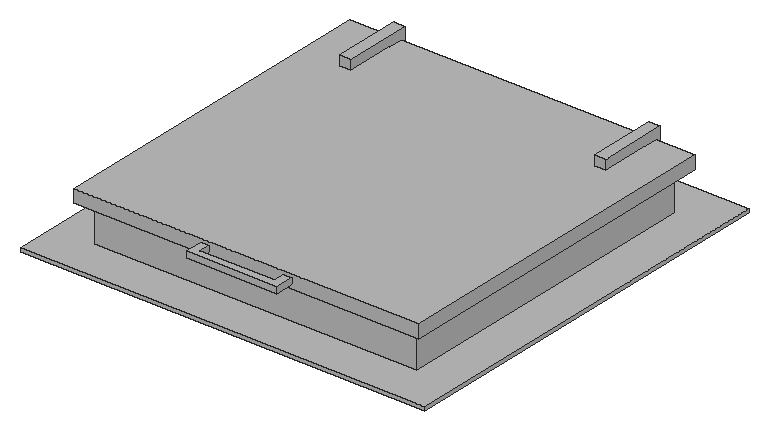
Revit family "Door_Hatch_Watertight_WalzKrenzer_WTH-R-Rect", category Generic Models, host Face, Revit 2026
Family settings
  Host = Face
  Can host rebar = No
  Round Connector Dimension = Use Diameter
  Part Type = Normal
  Classification Number = 23.30.10.21.37.17
  Cut with Voids When Loaded = No
  Maintain Annotation Orientation = No
  Shared = No
  Room Calculation Point = No
Parameters (values of type "Power Operated Both Sides")
  Warranty Duration (Years) = 0
  Unit Width [instance] = if(1 = 1, Clear Opening Width + 0' 6", 0' 0")  # 2' - 3"
  Unit Height [instance] = if(1 = 1, Clear Opening Height + 0' 6", 0' 0")  # 2' - 3"
  URL = "http://www.floodbarriers.com/"
  Test Data = "http://www.floodbarriers.com/about-us/qa-testing"
  Specification = "http://www.arcat.com/sdspecs/htm04/08_39_19wkd.htm"
  SpecWizard = ""
  Send Message = ""
  Sales Information = "http://www.floodbarriers.com/contact-us"
  Revision = "R1_2015-06"
  Projection from Host [instance] = 0' - 3"
  Product Properties = ""
  Product Data = "http://www.arcat.com/arcatcos/cos36/arc36439.html"
  Operating Pressure = 0
  Opening Width [instance] = if(1 = 1, Clear Opening Width, 0' 0")  # 1' - 9"
  Opening Height [instance] = if(1 = 1, Clear Opening Height, 0' 0")  # 1' - 9"
  Opening Depth [instance] = 0' - 6.47506"
  Model = "WTH-R"
  Manufacturer Website = "http://www.floodbarriers.com/"
  Manufacturer Phone - Toll Free = ""
  Manufacturer Phone = "203-267-5712"
  Manufacturer Fax = "203-267-5716"
  Manufacturer Address = "91 Willenbrock Rd.  Unit B4  Oxford, CT 06478"
  Manufacturer = "Walz & Krenzer, Inc."
  Maintenance Schedule (Months) = 0
  Keynote = "08392"
  Installation-Fabrication = ""
  Installation Phase = ""
  Include Grab Handle [instance] = yes
  Green Building-LEED = ""
  Gasket Material [instance] = Plastic - Rubber - EPDM Black
  Frame Finish [instance] = Metal - Aluminum - WalzKrenzer - Finish as Specified
  Expected Lifespan (Years) = 0
  Drawn By = "Sumex Design, Inc. / Robert S. Weygant, CSI, CDT, SCIP"
  Direction of Force [instance] = "[Seating - Push Closed][Unseating - Push Open]"
  Description = "Walz and Krenzer Raised Electric Hinged Flood Hatch - WTH-R as Specified"
  Default Elevation = 0' - 0"
  Copyright = "©Arcat Inc."
  Construction Details = ""
  Clear Opening Width [instance] = 1' - 9"
  Clear Opening Height [instance] = 1' - 9"
  Building Codes = ""
  Assembly Code = "E1090900"
Types (6): name | Description
  Power Operated Both Sides | "Walz and Krenzer Raised Electric Hinged Flood Hatch - WTH-R as Specified"
  Power Operated Bottom | "Walz and Krenzer Raised Electric Hinged Flood Hatch - WTH-R as Specified"
  Power Operated Top | "Walz and Krenzer Raised Electric Hinged Flood Hatch - WTH-R as Specified"
  Manually Operable Both Sides | "Walz and Krenzer Raised Manual Hinged Flood Hatch - WTH-R as Specified"
  Manually Operable Bottom | "Walz and Krenzer Raised Manual Hinged Flood Hatch - WTH-R as Specified"
  Manually Operable Top | "Walz and Krenzer Raised Manual Hinged Flood Hatch - WTH-R as Specified"
Reference planes (in)
  plane 1 "Center (Front/Back)": y = 0
  plane 2: z = 0
  plane 3 "Center (Left/Right)": x = 0
  plane 4: x = -13.5
  plane 5: x = 13.5
  plane 6: x = -10.5
  plane 7: x = 10.5
  plane 8: x = -10.5
  plane 9: x = 10.5
  plane 10: z = -6.47506
  plane 11: z = 3
  plane 12: y = -10.5
  plane 13: y = 10.5
  plane 14: x = -8.5
  plane 15: x = 8.5
Forms (in)
  Extrusion 1, void
    sketch origin (0, 0, 0) x (1, 0, 0) y (0, 1, 0)
      loop
        line (-10.5, 10.5) -> (-10.5, -10.5) -> (10.5, -10.5) -> (10.5, 10.5) -> (-10.5, 10.5)
    from 0 to -6.47506
  Sweep 2, solid, material "Metal - Aluminum - WalzKrenzer - Finish as Specified" <- "Frame Finish"
    path origin (0, 0, 0) x (1, 0, 0) y (0, 1, 0)
      loop
        line (-10.5, 10.5) -> (-10.5, -10.5) -> (10.5, -10.5) -> (10.5, 10.5) -> (-10.5, 10.5)
    profile origin (0, 10.5, 0) x (0, 1, 0) y (0, 0, 1)
      loop
        line (3, 0) -> (3, 0.25) -> (0.25, 0.25) -> (0.25, 3) -> (0.75, 3) -> (0.75, 2.75) -> (1, 2.75) -> (1, 3.625) -> (-1, 3.625) -> (-1, 1.375) -> (-0.5, 1.375) -> (-0.5, 3) -> (0, 3) -> (0, 0) -> (3, 0)
  Extrusion 3, solid, material "Metal - Aluminum - WalzKrenzer - Finish as Specified" <- "Frame Finish"
    sketch origin (8.5, 15.65821, 48) x (0, 1, 0) y (0, 0, 1)
      loop
        line (-5.03321, -44.375) -> (-5.03321, -46.375) -> (-3.78321, -46.375) -> (-3.78321, -43.75) -> (-8.28321, -43.75) -> (-8.28321, -44.375) -> (-5.03321, -44.375)
    from -0.375 to 0.375
  Extrusion 4, solid, material "Metal - Aluminum - WalzKrenzer - Finish as Specified" <- "Frame Finish"
    sketch origin (-8.5, 15.65821, 48) x (0, 1, 0) y (0, 0, 1)
      loop
        line (-3.78321, -46.375) -> (-3.78321, -43.75) -> (-8.28321, -43.75) -> (-8.28321, -44.375) -> (-5.03321, -44.375) -> (-5.03321, -46.375) -> (-3.78321, -46.375)
    from -0.375 to 0.375
  Extrusion 5, solid, material "Metal - Aluminum - WalzKrenzer - Finish as Specified" <- "Frame Finish"
    sketch origin (8.5, 14.65821, 48) x (0, 1, 0) y (0, 0, 1)
      loop
        line (-4.42806, -47.75) -> (-2.42806, -47.75) -> (-2.42806, -46)
        arc (-2.42806, -46) -> (-3.42806, -45) -> (-4.42806, -46) r 1
        line (-4.42806, -46) -> (-4.42806, -47.75)
    from -0.625 to 0.625
  Extrusion 6, solid, material "Metal - Aluminum - WalzKrenzer - Finish as Specified" <- "Frame Finish"
    sketch origin (-8.5, 14.65821, 48) x (0, 1, 0) y (0, 0, 1)
      loop
        line (-4.42806, -47.75) -> (-2.42806, -47.75) -> (-2.42806, -46)
        arc (-2.42806, -46) -> (-3.42806, -45) -> (-4.42806, -46) r 1
        line (-4.42806, -46) -> (-4.42806, -47.75)
    from -0.625 to 0.625
  Extrusion 7, solid, material "Metal - Aluminum - WalzKrenzer - Finish as Specified" <- "Frame Finish"
    sketch origin (11, -180, 3) x (0, -1, 0) y (-1, 0, 0)
      loop
        line (-189.5, 20.5) -> (-189.5, 1.5) -> (-170.5, 1.5) -> (-170.5, 20.5) -> (-189.5, 20.5)
    from -0.625 to 1.625
  Extrusion 8, solid, material "Metal - Aluminum - WalzKrenzer - Finish as Specified" <- "Frame Finish", visible <- "Include Grab Handle"
    sketch origin (0, 0, 0) x (1, 0, 0) y (0, 1, 0)
      loop
        line (-2.5, -10.75) -> (-3, -10.75) -> (-3, -12.75) -> (3, -12.75) -> (3, -10.75) -> (2.5, -10.75) -> (2.5, -12.25) -> (-2.5, -12.25) -> (-2.5, -10.75)
    from 3 to 3.41501
Cuts and joins
  joined: Sweep 2, Extrusion 7
Lines and regions (in)
  model lines, style "GenericModelHiddenLines"
    curve 1: line (-10.5, -10.5, 3.625) -> (0, 10.5, 3.625)
    curve 2: line (0, 10.5, 3.625) -> (10.5, -10.5, 3.625)
Dimensions and locks (in)
  equal spacing: plane 4, plane 3 "Center (Left/Right)", plane 5
  "Unit Width": plane 4 to plane 5
  equal spacing: plane 6, plane 3 "Center (Left/Right)", plane 7
  "Clear Opening Width": plane 6 to plane 7
  equal spacing: plane 8, plane 3 "Center (Left/Right)", plane 9
  "Opening Width": plane 8 to plane 9
  "Opening Depth": level to plane 10
  "Projection from Host": plane 11 to level
  equal spacing: plane 13, plane 1 "Center (Front/Back)", plane 12
  "Clear Opening Height": plane 13 to plane 12
  Extrusion 3 sketch curve to plane 13 to Extrusion 3 sketch curve to Extrusion 3 sketch curve = 0' - 3 1/8" locked, 0' - 0 1/8" locked, 0' - 1 1/4" locked
  Extrusion 4 sketch curve to plane 13 to Extrusion 4 sketch curve to Extrusion 4 sketch curve = 0' - 3 1/8" locked, 0' - 0 1/8" locked, 0' - 1 1/4" locked
  equal spacing: Sweep 2 sketch curve, Sweep 2 sketch curve, Sweep 2 sketch curve
  Sweep 2 sketch curve to Sweep 2 sketch curve to plane 11 to Sweep 2 sketch curve = 0' - 1 3/8" locked, 0' - 0 1/4" locked, 0' - 0 5/8" locked
  locked: plane 13 to Sweep 2 sketch curve at 0.75
  locked: Sweep 2 sketch curve to plane 13 at 0.5
  locked: plane 8 to plane 14 at 2
  locked: plane 15 to plane 9 at 2
  locked: Sweep 2 sketch curve to plane 13 at 1
  locked: plane 13 to Extrusion 7 sketch curve at 1
  locked: Extrusion 7 sketch curve to plane 12 at 1
  locked: Extrusion 7 sketch curve to plane 9 at 1
  locked: plane 8 to Extrusion 7 sketch curve at 1
  Extrusion 8 sketch curve to Extrusion 8 sketch curve to plane 3 "Center (Left/Right)" to Extrusion 8 sketch curve to Extrusion 8 sketch curve = 0' - 0 1/2" locked, 0' - 2 1/2" locked, 0' - 2 1/2" locked, 0' - 0 1/2" locked
  plane 12 to Extrusion 8 sketch curve to Extrusion 8 sketch curve to Extrusion 8 sketch curve = 0' - 0 1/4" locked, 0' - 1 1/2" locked, 0' - 0 1/2" locked
  aligned and locked: plane 2 to host face
  aligned and locked: level to host face
  aligned and locked: Extrusion 1 to plane 10
  aligned and locked: plane 11 to Sweep 2 sketch curve
  aligned and locked: plane 13 to curve 2
  aligned and locked: plane 3 "Center (Left/Right)" to curve 2
  aligned and locked: Sweep 2 sketch curve to plane 13
  aligned and locked: plane 6 to Sweep 2 sketch curve
  aligned and locked: plane 12 to Sweep 2 sketch curve
  aligned and locked: Sweep 2 sketch curve to plane 7
  aligned and locked: Sweep 2 sketch curve to plane 11
  aligned and locked: plane 8 to curve 1
  aligned and locked: plane 12 to curve 1
  aligned and locked: plane 9 to curve 2
  aligned and locked: plane 12 to curve 2
  aligned and locked: Extrusion 1 sketch curve to plane 7
  aligned and locked: plane 6 to Extrusion 1 sketch curve
  aligned and locked: Extrusion 1 sketch curve to plane 13
  aligned and locked: plane 12 to Extrusion 1 sketch curve
  aligned and locked: Extrusion 8 sketch curve to Extrusion 8 sketch curve
Automatic sketch dimensions
  host sketch curve to host sketch curve = 8' - 0"  (x2)
  plane 11 to Extrusion 3 sketch curve = 0' - 1 3/8"
  Extrusion 3 sketch curve to plane 11 = 0' - 0 5/8"
  Extrusion 3 sketch curve to Extrusion 3 sketch curve = 0' - 0 5/8"
  plane 11 to Extrusion 4 sketch curve = 0' - 1 3/8"
  Extrusion 4 sketch curve to plane 11 = 0' - 0 5/8"
  Extrusion 4 sketch curve to plane 11 = 0' - 1 1/4"
  Extrusion 5 sketch curve to plane 13 = 0' - 0.26985"
  Extrusion 5 sketch curve to Extrusion 5 sketch curve = 0' - 1"
  level to Extrusion 5 sketch curve = 0' - 0 1/4"
  plane 11 to Extrusion 5 sketch curve = 0' - 1"
  Extrusion 6 sketch curve to plane 13 = 0' - 0.26985"
  Extrusion 6 sketch curve to Extrusion 6 sketch curve = 0' - 1"
  level to Extrusion 6 sketch curve = 0' - 0 1/4"
  plane 11 to Extrusion 6 sketch curve = 0' - 1"
  Sweep 2 sketch curve to profile plane = 0' - 0"
  Sweep 2 sketch curve to level = 0' - 0"
  Sweep 2 sketch curve to profile plane = 0' - 0 1/4"
  Sweep 2 sketch curve to Sweep 2 sketch curve = 0' - 0 1/4"
  level to Sweep 2 sketch curve = 0' - 0 1/4"
  Sweep 2 sketch curve to Sweep 2 sketch curve = 0' - 2 3/4"
